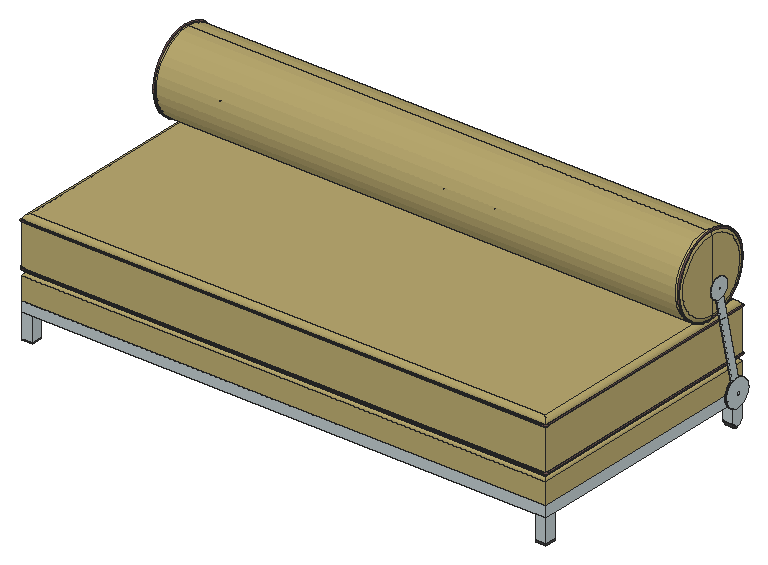
Revit family
Parameters
  Upholstery = Furniture - Twilight Sleep Sofa - Upholstery
  URL = "www.dwr.com"
  Source = "www.revitcomponents.com"
  Piping = Furniture - Twilight Sleep Sofa - Piping
  Model = "Twilight Sleep Sofa"
  Manufacturer = "Design Within Reach"
  Feet = Furniture - Twilight Sleep Sofa - Feet
  Cost = 1500
  Aluminum Frame = Furniture - Twilight Sleep Sofa - Aluminum Frame
Reference planes (in)
  plane 1 "Center F/B (www.revitcomponents.com)": y = 0
  plane 2 "(www.revitcomponents.com)": z = 0
  plane 3 "Center L/R (www.revitcomponents.com)": x = 0
  plane 4 "left (www.revitcomponents.com)": x = -39.5
  plane 5 "right (www.revitcomponents.com)": x = 39.5
  plane 6 "front (www.revitcomponents.com)": y = -18.44562
  plane 7 "back (www.revitcomponents.com)": y = 18.44562
  plane 8: z = 29
  plane 9: z = 17
  plane 10 "t.o. frame (www.revitcomponents.com)": z = 5.34989
  plane 11 "t.o. cushion 1 (www.revitcomponents.com)": z = 9.02794
  plane 12 "piping2 (www.revitcomponents.com)": z = 16.25
  plane 13: z = 9.77794
  plane 14 "CYLINDER (www.revitcomponents.com)": y = 12.44069
  plane 15: z = 23
Forms (in)
  Extrusion 1, solid, material "Furniture - Twilight Sleep Sofa - Feet" <- "Feet"
    sketch origin (-39.5, 0, 0) x (0, 1, 0) y (0, 0, 1)
      loop
        line (-18.44562, 0) -> (-16.85737, 0) -> (-16.85737, 0.20898) -> (-18.44562, 0.20898) -> (-18.44562, 0)
    from 0 to 1.59103
  Extrusion 2, solid, material "Furniture - Twilight Sleep Sofa - Feet" <- "Feet"
    sketch origin (39.5, 0, 0) x (0, 1, 0) y (0, 0, -1)
      loop
        line (-18.44562, 0) -> (-18.44562, -0.20898) -> (-16.85737, -0.20898) -> (-16.85737, 0) -> (-18.44562, 0)
    from 0 to 1.59103
  Extrusion 3, solid, material "Furniture - Twilight Sleep Sofa - Aluminum Frame" <- "Aluminum Frame"
    sketch origin (-39.5, 0, 0) x (0, 1, 0) y (0, 0, 1)
      loop
        line (-16.85737, 0.20898) -> (-16.85737, 3.76164) -> (-18.44562, 3.76164) -> (-18.44562, 0.20898) -> (-16.85737, 0.20898)
    from 0 to 1.59103
  Extrusion 4, solid, material "Furniture - Twilight Sleep Sofa - Aluminum Frame" <- "Aluminum Frame"
    sketch origin (39.5, 0, 0) x (0, 1, 0) y (0, 0, -1)
      loop
        line (-16.85737, -0.20898) -> (-18.44562, -0.20898) -> (-18.44562, -3.76164) -> (-16.85737, -3.76164) -> (-16.85737, -0.20898)
    from 0 to 1.59103
  Extrusion 5, solid, material "Furniture - Twilight Sleep Sofa - Aluminum Frame" <- "Aluminum Frame"
    sketch origin (-39.5, 0, 0) x (0, 1, 0) y (0, 0, 1)
      loop
        line (16.85737, 3.76164) -> (16.85737, 0.86428)
        arc (16.85737, 0.86428) -> (17.6515, 0.41796) -> (18.44562, 0.86428) r 0.92964
        line (18.44562, 0.86428) -> (18.44562, 3.76164) -> (16.85737, 3.76164)
    from 0 to 0.16997
  Extrusion 6, solid, material "Furniture - Twilight Sleep Sofa - Aluminum Frame" <- "Aluminum Frame"
    sketch origin (-38.07894, 0, 0) x (0, 1, 0) y (0, 0, 1)
      loop
        line (16.85737, 3.76164) -> (16.85737, 0.86428)
        arc (16.85737, 0.86428) -> (17.6515, 0.41796) -> (18.44562, 0.86428) r 0.92964
        line (18.44562, 0.86428) -> (18.44562, 3.76164) -> (16.85737, 3.76164)
    from 0 to 0.16997
  Extrusion 7, solid, material "Furniture - Twilight Sleep Sofa - Aluminum Frame" <- "Aluminum Frame"
    sketch origin (-39.5, 0, 0) x (0, 1, 0) y (0, 0, 1)
      loop
        line (18.27844, 0.86428) -> (18.44562, 0.86428) -> (18.44562, 3.76164) -> (16.85737, 3.76164) -> (16.85737, 0.86428) -> (17.02456, 0.86428) -> (17.02456, 1.25388) -> (18.27844, 1.25388) -> (18.27844, 0.86428)
      loop
        circle (17.6515, 0.62655) r 0.125
    from 0.16997 to 1.42106
  Extrusion 8, solid, material "Furniture - Twilight Sleep Sofa - Aluminum Frame" <- "Aluminum Frame"
    sketch origin (37.90897, 0, 0) x (0, 1, 0) y (0, 0, 1)
      loop
        line (16.85737, 3.76164) -> (16.85737, 0.86428)
        arc (16.85737, 0.86428) -> (17.6515, 0.41796) -> (18.44562, 0.86428) r 0.92964
        line (18.44562, 0.86428) -> (18.44562, 3.76164) -> (16.85737, 3.76164)
    from 0 to 0.16997
  Extrusion 9, solid, material "Furniture - Twilight Sleep Sofa - Aluminum Frame" <- "Aluminum Frame"
    sketch origin (39.33003, 0, 0) x (0, 1, 0) y (0, 0, 1)
      loop
        line (16.85737, 3.76164) -> (16.85737, 0.86428)
        arc (16.85737, 0.86428) -> (17.6515, 0.41796) -> (18.44562, 0.86428) r 0.92964
        line (18.44562, 0.86428) -> (18.44562, 3.76164) -> (16.85737, 3.76164)
    from 0 to 0.16997
  Extrusion 10, solid, material "Furniture - Twilight Sleep Sofa - Aluminum Frame" <- "Aluminum Frame"
    sketch origin (37.90897, 0, 0) x (0, 1, 0) y (0, 0, 1)
      loop
        line (18.27844, 0.86428) -> (18.44562, 0.86428) -> (18.44562, 3.76164) -> (16.85737, 3.76164) -> (16.85737, 0.86428) -> (17.02456, 0.86428) -> (17.02456, 1.25388) -> (18.27844, 1.25388) -> (18.27844, 0.86428)
      loop
        circle (17.6515, 0.62655) r 0.125
    from 0.16997 to 1.42106
  Extrusion 11, solid, material "Furniture - Twilight Sleep Sofa - Aluminum Frame" <- "Aluminum Frame"
    sketch origin (0, 0, 5.34989) x (0, -1, 0) y (1, 0, 0)
      loop
        line (-18.44562, -39.5) -> (18.44562, -39.5) -> (18.44562, 39.5) -> (-18.44562, 39.5) -> (-18.44562, -39.5)
      loop
        line (-16.85737, -37.90897) -> (16.85737, -37.90897) -> (16.85737, -0.79551) -> (-16.85737, -0.79551) -> (-16.85737, -37.90897)
      loop
        line (-16.85737, 37.90897) -> (-16.85737, 0.79551) -> (16.85737, 0.79551) -> (16.85737, 37.90897) -> (-16.85737, 37.90897)
    from 0 to -1.58825
  Extrusion 12, solid, material "Furniture - Twilight Sleep Sofa - Upholstery"
    sketch origin (0, 0, 5.34989) x (0, -1, 0) y (1, 0, 0)
      loop
        line (-18.57062, 39.25) -> (-18.57062, -39.25)
        arc (-18.57062, -39.25) -> (-18.46079, -39.51517) -> (-18.19562, -39.625) r 0.375
        line (-18.19562, -39.625) -> (18.19562, -39.625)
        arc (18.19562, -39.625) -> (18.46079, -39.51517) -> (18.57062, -39.25) r 0.375
        line (18.57062, -39.25) -> (18.57062, 39.25)
        arc (18.57062, 39.25) -> (18.46079, 39.51517) -> (18.19562, 39.625) r 0.375
        line (18.19562, 39.625) -> (-18.19562, 39.625)
        arc (-18.19562, 39.625) -> (-18.46079, 39.51517) -> (-18.57062, 39.25) r 0.375
    from 0 to 3.67805
  Sweep 13, void
    path origin (0, 0, 5.34989) x (0, -1, 0) y (1, 0, 0)
      loop
        line (18.57062, -39.625) -> (18.57062, 39.625) -> (-18.57062, 39.625) -> (-18.57062, -39.625) -> (18.57062, -39.625)
    profile origin (-39.625, 0, 5.34989) x (-1, 0, 0) y (0, 0, 1)
      loop
        line (-0.125, 0) -> (0.375, 0) -> (0.375, 4.17805) -> (-1, 4.17805) -> (-1, 3.67805) -> (-0.5, 3.67805)
        arc (-0.5, 3.67805) -> (-0.23483, 3.56821) -> (-0.125, 3.30305) r 0.375
        line (-0.125, 3.30305) -> (-0.125, 0)
  Extrusion 14, solid, material "Furniture - Twilight Sleep Sofa - Upholstery" <- "Upholstery"
    sketch origin (0, 0, 9.02794) x (0, 1, 0) y (-1, 0, 0)
      loop
        arc (18.44562, -40) -> (18.79917, -39.85355) -> (18.94562, -39.5) r 0.5
        line (18.94562, -39.5) -> (18.94562, 39.5)
        arc (18.94562, 39.5) -> (18.79917, 39.85355) -> (18.44562, 40) r 0.5
        line (18.44562, 40) -> (-18.44562, 40)
        arc (-18.44562, 40) -> (-18.79917, 39.85355) -> (-18.94562, 39.5) r 0.5
        line (-18.94562, 39.5) -> (-18.94562, -39.5)
        arc (-18.94562, -39.5) -> (-18.79917, -39.85355) -> (-18.44562, -40) r 0.5
        line (-18.44562, -40) -> (18.44562, -40)
    from 0 to 7.97206
  Sweep 15, void
    path origin (0, 0, 9.02794) x (0, 1, 0) y (-1, 0, 0)
      loop
        line (18.94562, -40) -> (18.94562, 40) -> (-18.94562, 40) -> (-18.94562, -40) -> (18.94562, -40)
    profile origin (40, 0, 9.02794) x (1, 0, 0) y (0, 0, 1)
      loop
        arc (-0.5, 0.75) -> (-0.71967, 0.21967) -> (-1.25, 0) r 0.75
        line (-1.25, 0) -> (-2, 0) -> (-2, -0.75) -> (0.25, -0.75) -> (0.25, 8.72206) -> (-2, 8.72206) -> (-2, 7.97206) -> (-1.25, 7.97206)
        arc (-1.25, 7.97206) -> (-0.71967, 7.75239) -> (-0.5, 7.22206) r 0.75
        line (-0.5, 7.22206) -> (-0.5, 0.75)
  Sweep 16, solid, material "Furniture - Twilight Sleep Sofa - Piping" <- "Piping"
    path origin (0, 0, 16.25) x (0, 1, 0) y (-1, 0, 0)
      loop
        arc (18.57062, 39.4375) -> (18.5157, 39.57008) -> (18.38312, 39.625) r 0.1875
        line (18.38312, 39.625) -> (-18.38312, 39.625)
        arc (-18.38312, 39.625) -> (-18.5157, 39.57008) -> (-18.57062, 39.4375) r 0.1875
        line (-18.57062, 39.4375) -> (-18.57062, -39.4375)
        arc (-18.57062, -39.4375) -> (-18.5157, -39.57008) -> (-18.38312, -39.625) r 0.1875
        line (-18.38312, -39.625) -> (18.38312, -39.625)
        arc (18.38312, -39.625) -> (18.5157, -39.57008) -> (18.57062, -39.4375) r 0.1875
        line (18.57062, -39.4375) -> (18.57062, 39.4375)
    profile origin (0, 18.57062, 16.25) x (0, 1, 0) y (0, 0, 1)
      loop
        circle (0, 0) r 0.125
  Sweep 17, solid, material "Furniture - Twilight Sleep Sofa - Piping" <- "Piping"
    path origin (0, 0, 9.77794) x (0, 1, 0) y (-1, 0, 0)
      loop
        arc (18.57062, 39.4375) -> (18.5157, 39.57008) -> (18.38312, 39.625) r 0.1875
        line (18.38312, 39.625) -> (-18.38312, 39.625)
        arc (-18.38312, 39.625) -> (-18.5157, 39.57008) -> (-18.57062, 39.4375) r 0.1875
        line (-18.57062, 39.4375) -> (-18.57062, -39.4375)
        arc (-18.57062, -39.4375) -> (-18.5157, -39.57008) -> (-18.38312, -39.625) r 0.1875
        line (-18.38312, -39.625) -> (18.38312, -39.625)
        arc (18.38312, -39.625) -> (18.5157, -39.57008) -> (18.57062, -39.4375) r 0.1875
        line (18.57062, -39.4375) -> (18.57062, 39.4375)
    profile origin (0, 18.57062, 9.77794) x (0, 1, 0) y (0, 0, 1)
      loop
        circle (0, 0) r 0.125
  Extrusion 18, solid, material "Furniture - Twilight Sleep Sofa - Feet" <- "Feet"
    sketch origin (39.5, 0, 0) x (0, 1, 0) y (0, 0, 1)
      loop
        circle (17.6515, 0.62655) r 0.625
    from 0.16997 to 1.42106
  Extrusion 19, solid, material "Furniture - Twilight Sleep Sofa - Feet" <- "Feet"
    sketch origin (-39.5, 0, 0) x (0, 1, 0) y (0, 0, 1)
      loop
        circle (17.6515, 0.62655) r 0.625
    from 0.16997 to 1.42106
  Extrusion 20, solid, material "Furniture - Twilight Sleep Sofa - Aluminum Frame" <- "Aluminum Frame"
    sketch origin (40.18605, 0, 0) x (0, 1, 0) y (0, 0, 1)
      loop
        circle (16.85737, 5.34989) r 2
    from -0.12539 to 0
  Extrusion 21, solid, material "Furniture - Twilight Sleep Sofa - Aluminum Frame" <- "Aluminum Frame"
    sketch origin (40.18605, -3.49194, 15.12525) x (0, 1, 0) y (0, 0, 1)
      loop
        circle (16.85737, 5.91239) r 1.5
    from -0.12539 to 0
  Extrusion 22, solid, material "Furniture - Twilight Sleep Sofa - Aluminum Frame" <- "Aluminum Frame"
    sketch origin (39.93566, 0, 0) x (0, 1, 0) y (0, 0, 1)
      loop
        line (12.75536, 20.90184) -> (16.2473, 5.21409)
        arc (16.2473, 5.21409) -> (16.99317, 4.73982) -> (17.46744, 5.48568) r 0.625
        line (17.46744, 5.48568) -> (13.9755, 21.17343)
        arc (13.9755, 21.17343) -> (13.22964, 21.6477) -> (12.75536, 20.90184) r 0.625
    from 0 to 0.125
  Extrusion 23, solid, material "Furniture - Twilight Sleep Sofa - Aluminum Frame" <- "Aluminum Frame"
    sketch origin (-40.18605, 0, 0) x (0, 1, 0) y (0, 0, -1)
      loop
        circle (16.85737, -5.34989) r 2
    from -0.12539 to 0
  Extrusion 24, solid, material "Furniture - Twilight Sleep Sofa - Aluminum Frame" <- "Aluminum Frame"
    sketch origin (-40.18605, -3.49194, 15.12525) x (0, 1, 0) y (0, 0, -1)
      loop
        circle (16.85737, -5.91239) r 1.5
    from -0.12539 to 0
  Extrusion 25, solid, material "Furniture - Twilight Sleep Sofa - Aluminum Frame" <- "Aluminum Frame"
    sketch origin (-39.93566, 0, 0) x (0, 1, 0) y (0, 0, -1)
      loop
        arc (12.75536, -20.90184) -> (13.22964, -21.6477) -> (13.9755, -21.17343) r 0.625
        line (13.9755, -21.17343) -> (17.46744, -5.48568)
        arc (17.46744, -5.48568) -> (16.99317, -4.73982) -> (16.2473, -5.21409) r 0.625
        line (16.2473, -5.21409) -> (12.75536, -20.90184)
    from 0 to 0.125
  Extrusion 26, solid, material "Furniture - Twilight Sleep Sofa - Aluminum Frame" <- "Aluminum Frame"
    sketch origin (39.93566, 0, 0) x (0, 1, 0) y (0, 0, 1)
      loop
        circle (16.85737, 5.34989) r 2
    from -0.12539 to 0
  Extrusion 27, solid, material "Furniture - Twilight Sleep Sofa - Aluminum Frame" <- "Aluminum Frame"
    sketch origin (-39.93566, 0, 0) x (0, 1, 0) y (0, 0, -1)
      loop
        circle (16.85737, -5.34989) r 2
    from -0.12539 to 0
  Extrusion 28, solid, material "Furniture - Twilight Sleep Sofa - Aluminum Frame" <- "Aluminum Frame"
    sketch origin (-39.5, 0, 0) x (0, 1, 0) y (0, 0, 1)
      loop
        circle (16.85737, 5.34989) r 0.625
    from -0.31027 to 79.31027
  Revolve 29, solid, material "Furniture - Twilight Sleep Sofa - Upholstery" <- "Upholstery"
    sketch origin (0, 12.44069, 0) x (0, 0, 1) y (1, 0, 0)
      loop
        line (23, -39.75) -> (28.375, -39.75)
        arc (28.375, -39.75) -> (28.81694, -39.56694) -> (29, -39.125) r 0.625
        line (29, -39.125) -> (29, 39.125)
        arc (29, 39.125) -> (28.81694, 39.56694) -> (28.375, 39.75) r 0.625
        line (28.375, 39.75) -> (23, 39.75) -> (23, -39.75)
      axis (23, -39.75) -> (23, 39.75)
    angle from 0 to 360
  Sweep 30, solid, material "Furniture - Twilight Sleep Sofa - Piping" <- "Piping"
    path origin (39.5, 0, 0) x (0, 1, 0) y (0, 0, 1)
      loop
        circle (12.44069, 23) r 6
    profile origin (39.5, 12.44069, 17) x (0, 0, 1) y (-1, 0, 0)
      loop
        circle (0, -0.0625) r 0.09375
  Sweep 31, solid, material "Furniture - Twilight Sleep Sofa - Piping" <- "Piping"
    path origin (-39.5625, 0, 0) x (0, 1, 0) y (0, 0, 1)
      loop
        circle (12.44069, 23) r 6
    profile origin (-39.5625, 12.44069, 17) x (0, 0, -1) y (1, 0, 0)
      loop
        circle (0, 0) r 0.09375
  Revolve 32, solid, material "Furniture - Twilight Sleep Sofa - Aluminum Frame" <- "Aluminum Frame"
    sketch origin (-39.5, 0, 5.34989) x (0, -1, 0) y (1, 0, 0)
      loop
        line (-16.85737, 79.68605) -> (-16.85737, 79.87355)
        arc (-16.85737, 79.87355) -> (-16.98995, 79.81863) -> (-17.04487, 79.68605) r 0.1875
        line (-17.04487, 79.68605) -> (-16.85737, 79.68605)
      axis (-16.85737, 79.68605) -> (-16.85737, 79.87355)
    angle from 0 to 360
  Revolve 33, solid, material "Furniture - Twilight Sleep Sofa - Aluminum Frame" <- "Aluminum Frame"
    sketch origin (39.5, 0, 5.34989) x (0, 1, 0) y (-1, 0, 0)
      loop
        line (16.85737, 79.68605) -> (17.04487, 79.68605)
        arc (17.04487, 79.68605) -> (16.98995, 79.81863) -> (16.85737, 79.87355) r 0.1875
        line (16.85737, 79.87355) -> (16.85737, 79.68605)
      axis (16.85737, 79.68605) -> (16.85737, 79.87355)
    angle from 0 to 360
  Revolve 34, solid, material "Furniture - Twilight Sleep Sofa - Aluminum Frame" <- "Aluminum Frame"
    sketch origin (39.5, -3.5, 21.03763) x (0, 1, 0) y (-1, 0, 0)
      loop
        line (16.85737, 79.68605) -> (16.98237, 79.68605)
        arc (16.98237, 79.68605) -> (16.94576, 79.77444) -> (16.85737, 79.81105) r 0.125
        line (16.85737, 79.81105) -> (16.85737, 79.68605)
      axis (16.85737, 79.68605) -> (16.85737, 79.81105)
    angle from 0 to 360
  Revolve 35, solid, material "Furniture - Twilight Sleep Sofa - Aluminum Frame" <- "Aluminum Frame"
    sketch origin (-39.5, -3.5, 21.03763) x (0, -1, 0) y (1, 0, 0)
      loop
        line (-16.85737, 79.68605) -> (-16.85737, 79.81105)
        arc (-16.85737, 79.81105) -> (-16.94576, 79.77444) -> (-16.98237, 79.68605) r 0.125
        line (-16.98237, 79.68605) -> (-16.85737, 79.68605)
      axis (-16.85737, 79.68605) -> (-16.85737, 79.81105)
    angle from 0 to 360
Cuts and joins
  joined: Extrusion 5, Extrusion 6, Extrusion 7
  joined: Extrusion 8, Extrusion 9, Extrusion 10
  Sweep 13 cuts Extrusion 11
  Sweep 13 cuts Extrusion 12
  Sweep 15 cuts Extrusion 14
  joined: Extrusion 20, Extrusion 21, Extrusion 22, Extrusion 26, Extrusion 28, Revolve 32, Revolve 35
  joined: Extrusion 23, Extrusion 24, Extrusion 25, Extrusion 27, Revolve 33, Revolve 34
